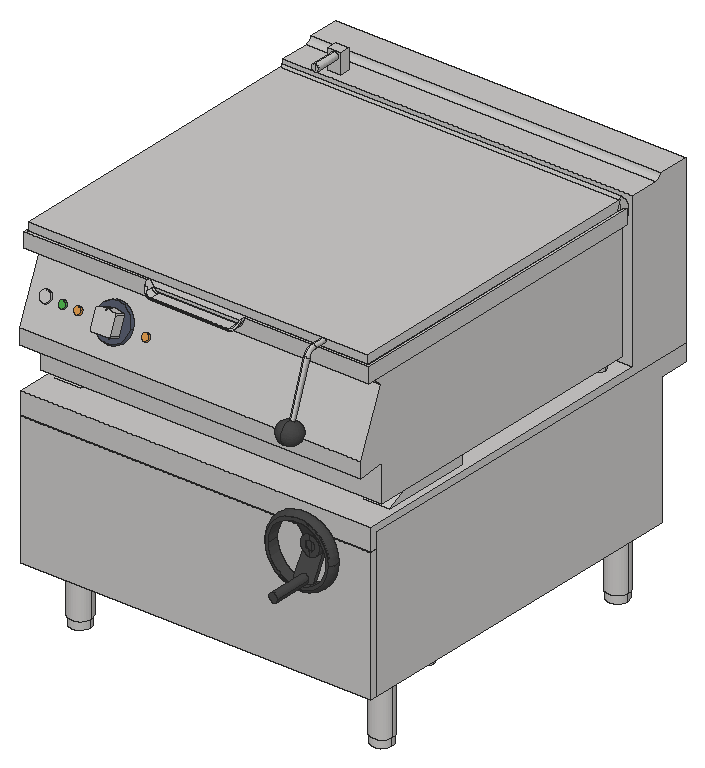
Revit family "QF_ZANUSSI_392145_Z9BREHDOF0", category Specialty Equipment, Revit 2018
Family settings
  Round Connector Dimension = Use Diameter
  Part Type = Normal
  Work Plane-Based = No
  Always vertical = Yes
  Cut with Voids When Loaded = No
  Shared = No
  Room Calculation Point = No
Parameters
  Width = 800 mm  # constant formula
  Weight in Pounds = 150  # constant formula
  Weight = 0.00 kg
  Watts = 13000 VA  # 13000 W
  Volts = 400 V  # constant formula
  URL Manufacturer = "http://www.zanussiprofessional.com"
  URL Cutsheet = "www.electrolux.com"
  URL = "http://www.zanussiprofessional.com"
  Type Mark [instance] = ""
  Steam Supply Size = 0"
  Steam Supply Minimum Pressure = 0.00 psi
  Steam Supply Maximum Pressure = 0.00 psi
  Steam Pounds per Hour = 0
  Status [instance] = ""
  Specification by User [instance] = ""
  Specification by Manufacturer = ""
  Show Logo [instance] = yes
  Show Clearance [instance] = yes
  Serial Number = ""
  Seismic Rating = ""
  SMACNA No = ""
  Revision Code [instance] = ""
  Refrigeration Suction Line Size = 0"
  Refrigeration Liquid Line Size = 0"
  Refrigerant Compressor Remote = yes
  Plumbing Remarks [instance] = ""
  Plumbing Connection Type [instance] = ""
  Phase = 3
  Omniclass Number and Title = ""
  Number of Poles [instance] = 1
  NAFEM Spec ID Number = ""
  Model = "Z9BREHDOF0"
  Min Ckt Ampacity = 0 A
  Max Overcurrent Protection = 0 A
  Masterspec = ""
  Manufacturer = "Zanussi"
  Length Actual = 800 mm  # constant formula
  Item Number [instance] = "392145"
  Installed By [instance] = ""
  Identify Quantity as Lot [instance] = yes
  Hot Water Size = 0"
  Height Actual = 850 mm  # constant formula
  Height = 850 mm  # constant formula
  HP = "17.4 HP"
  Gas Size = 0"
  Gas KW = 0
  Gas Input Pressure = 0.0 Btu/h
  Furnished By [instance] = ""
  Foodservice Equipment Identifier [instance] = yes
  FL Amps = if(Phase = 3, Watts / (Volts * 1.73), Watts / Volts)  # 18.7861 A
  Electrical Remarks [instance] = "400 V/3N ph/50/60 Hz"  # constant formula
  Electric Connection Type [instance] = ""
  Elec Conn RI Height [instance] = 0 mm
  Elec Conn Connection Height [instance] = 0 mm
  Direct Waste Size = 0"
  Description = "80LT EL.BRAISING PAN-DUOMAT BOTTOM"
  Depth Actual = 900 mm  # constant formula
  Depth = 915 mm  # constant formula
  Cycle [instance] = if([60 Hertz Option], 60 Hz, 50 Hz)  # 60 Hz
  Conn Plug = ""
  Conn Conduit = yes
  Condensate Return Size = 0"
  Compressed Air Volume = 0 GPM
  Compressed Air Size = 0"
  Compressed Air Pressure = 0.00 psi
  Cold Water Temperature Recommended [instance] = -459.67 °F
  Cold Water Size = 3/4"
  Cold Water RI Height [instance] = 0 mm
  Cold Water Minimum Pressure = 0.00 psi
  Cold Water Maximum Pressure = 0.00 psi
  Cold Water Flow [instance] = 0 GPM
  Cold Water Consumption = ""
  Cold Water Connection Height = 0 mm
  CSI MasterFormat = ""
  CSI Master Format = ""
  Assembly Code = ""
  Apparent Power = if(Phase = 3, Volts * FL Amps * 1.73, Volts * FL Amps)  # 13000 VA
  Accessory = yes
  60 Hertz Option [instance] = not([50 Hertz Option])  # yes
  50 Hertz Option [instance] = no
Reference planes
  plane 1 "BACK": y = 0
  plane 2: z = 0
  plane 3 "LEFT": x = 0
  plane 4 "RIGHT": x = 800
  plane 5 "FRONT": y = -915
  plane 6 "TOP": z = 898
  plane 7 "Center Y": x = 400
  plane 8 "Center X": y = -457.5
  plane 9 "Base": z = 149
  plane 10: z = 502.193
  plane 11: z = 1653
  plane 12: y = -125
  plane 13: y = -799
  plane 14: y = -1034
  plane 15: x = 55
  plane 16: y = -160.853
  plane 17: x = 745
  plane 18: y = -1014
  plane 19: y = -899.182
  plane 20: x = 786
  plane 21: z = 850
  plane 22: x = 389
  plane 23: y = -702.182
  plane 24: y = -760.182
  plane 25: x = 340
Forms (mm)
  Revolve 1, solid, material "QF_Finishes_Stainless Steel"
    sketch origin (0, -125, 0) x (1, 0, 0) y (0, 0, 1)
      loop
        line (55, 0) -> (55, 149) -> (29.6, 149) -> (29.6, 19.05) -> (32.1, 19.05) -> (32.1, 0) -> (55, 0)
      axis (55, 0) -> (55, 149)
    angle from 0 to 360
  Revolve 2, solid, material "QF_Finishes_Stainless Steel"
    sketch origin (0, -799, 0) x (1, 0, 0) y (0, 0, 1)
      loop
        line (55, 0) -> (55, 149) -> (29.6, 149) -> (29.6, 19.05) -> (32.1, 19.05) -> (32.1, 0) -> (55, 0)
      axis (55, 0) -> (55, 149)
    angle from 0 to 360
  Extrusion 3, solid, material "QF_Finishes_Stainless Steel"
    sketch origin (0, -214.682, 0) x (0, 1, 0) y (0, 0, 1)
      loop
        line (214.682, 487.193) -> (214.682, 866.248) -> (143.055, 866.248)
        arc (143.055, 866.248) -> (139.432, 857.502) -> (130.686, 853.88) r 12.368
        line (130.686, 853.88) -> (64.682, 853.88) -> (64.682, 502.193) -> (-684.5, 502.193) -> (-684.5, 452.193) -> (-669.5, 452.193) -> (-669.5, 487.193) -> (214.682, 487.193)
      loop
        line (-669.5, 149) -> (-669.5, 451.193) -> (-684.5, 451.193) -> (-684.5, 149) -> (-669.5, 149)
    from 0 to 800
  Extrusion 4, solid, material "QF_Finishes_Stainless Steel"
    sketch origin (0, -214.682, 0) x (0, 1, 0) y (0, 0, 1)
      loop
        line (44.029, 528.406) -> (44.029, 817.127) -> (-678.5, 817.127) -> (-678.5, 809.681) -> (-643.264, 774.446) -> (-700.318, 641.094) -> (-700.318, 606.094) -> (-640.765, 613.406) -> (-640.765, 528.406) -> (44.029, 528.406)
    from 10 to 790
  Sweep 5, solid, material "QF_Finishes_Stainless Steel"
    path origin (0, -204.882, 145) x (-1, 0, 0) y (0, -1, 0)
      loop
        line (-290, 694.3) -> (-5, 694.3) -> (-5, -44.029) -> (-795, -44.029) -> (-795, 694.3) -> (-510, 694.3)
    profile origin (652.5, -899.182, 145) x (0, -1, 0) y (0, 0, 1)
      loop
        line (-5, 651.359) -> (0, 651.359) -> (0, 685.301) -> (-6, 685.301) -> (-6, 681.062) -> (-5, 681.062) -> (-5, 651.359)
  Extrusion 6, solid, material "QF_Finishes_Stainless Steel"
    sketch origin (0, -214.682, -5) x (0, 1, 0) y (0, 0, 1)
      loop
        line (33.715, 835.301) -> (42.572, 855) -> (-677.138, 855) -> (-677.138, 835.301) -> (33.715, 835.301)
      loop
        arc (64.305, 837.022) -> (57.071, 850.749) -> (45.92, 861.539) r 49.182
        line (45.92, 861.539) -> (39.069, 846.301) -> (45.904, 846.301) -> (45.904, 832.604) -> (64.305, 814.204) -> (64.305, 837.022)
    from 12.363 to 787.637
  Extrusion 7, solid, material "QF_Finishes_Stainless Steel"
    sketch origin (0, -214.682, 0) x (0, 1, 0) y (0, 0, 1)
      loop
        line (-403.818, 528.406) -> (-556.057, 528.406) -> (-609.801, 502.193) -> (-403.818, 502.193) -> (-403.818, 528.406)
    from 16.63 to 76.513
  Extrusion 8, solid, material "QF_Finishes_Stainless Steel"
    sketch origin (0, -207.182, 150) x (-1, 0, 0) y (0, -1, 0)
      loop
        circle (-46.571, -17.496) r 15
      loop
        circle (-753.429, -17.496) r 15
    from 352.193 to 383.406
  Extrusion 9, solid, material "QF_Finishes_Stainless Steel"
    sketch origin (0, -64.682, 0) x (0, 1, 0) y (0, 0, 1)
      loop
        line (-43.387, 853.88) -> (-43.387, 898) -> (-67.444, 898) -> (-67.444, 853.88) -> (-43.387, 853.88)
    from 87.469 to 116.843
  Revolve 10, solid, material "QF_Finishes_Stainless Steel"
    sketch origin (103.25, -64.682, 0) x (0, 1, 0) y (0, 0, 1)
      loop
        line (-67.444, 888.097) -> (-67.444, 896.222) -> (-123.629, 896.222) -> (-123.629, 888.097) -> (-67.444, 888.097)
      axis (-123.629, 888.097) -> (-67.444, 888.097)
    angle from 0 to 360
  Extrusion 11, solid, material "QF_Clearances", visible <- "Show Clearance", detail levels coarse
    sketch origin (0, -214.682, 0) x (1, 0, 0) y (0, 1, 0)
      loop
        line (800, 214.682) -> (800, -700.318) -> (850, -700.318) -> (850, 264.682) -> (-50, 264.682) -> (-50, -700.318) -> (0, -700.318) -> (0, 214.682) -> (800, 214.682)
    from 0 to 898
  Extrusion 12, solid, material "QF_Finishes_Stainless Steel"
    sketch origin (800, 0, 0) x (0, 1, 0) y (0, 0, 1)
      loop
        line (-884.182, 149) -> (-69, 149) -> (-69, 448) -> (0, 448) -> (0, 487.193) -> (-884.182, 487.193) -> (-884.182, 149)
    from 0 to -800
  Revolve 13, solid, material "QF_Finishes_Stainless Steel"
    sketch origin (1000, -125, 0) x (-1, 0, 0) y (0, 0, -1)
      loop
        line (255, 0) -> (232.1, 0) -> (232.1, -19.05) -> (229.6, -19.05) -> (229.6, -149) -> (255, -149) -> (255, 0)
      axis (255, 0) -> (255, -149)
    angle from 0 to 360
  Revolve 14, solid, material "QF_Finishes_Stainless Steel"
    sketch origin (1000, -799, 0) x (-1, 0, 0) y (0, 0, -1)
      loop
        line (255, 0) -> (232.1, 0) -> (232.1, -19.05) -> (229.6, -19.05) -> (229.6, -149) -> (255, -149) -> (255, 0)
      axis (255, 0) -> (255, -149)
    angle from 0 to 360
  Sweep 15, solid, material "QF_Finishes_Stainless Steel"
    path origin (8.84, -214.682, -10) x (0, 1, 0) y (0, 0, 1)
      loop
        line (-677.138, 852.831) -> (-705.492, 852.831)
        arc (-705.492, 852.831) -> (-716.963, 849.214) -> (-724.286, 839.672) r 20
        line (-724.286, 839.672) -> (-765.322, 726.924)
    profile origin (8.84, -905.997, 842.831) x (0, 0, -1) y (1, 0, 0)
      loop
        circle (0, 676.16) r 5
  Revolve 16, solid, material "QF_Finishes_Black"
    sketch origin (685, -194.682, 0) x (0, 1, 0) y (0, 0, 1)
      loop
        line (-785.322, 716.924) -> (-792.738, 719.623)
        arc (-792.738, 719.623) -> (-818.978, 701.075) -> (-800.713, 674.638) r 22.845
        line (-800.713, 674.638) -> (-785.322, 716.924)
      axis (-785.322, 716.924) -> (-800.713, 674.638)
    angle from 0 to 360
  Extrusion 17, solid, material "QF_Finishes_Stainless Steel"
    sketch origin (800, -69, 149) x (-1, 0, 0) y (0, 1, 0)
      loop
        circle (14, -649.182) r 12.7
    from 0 to 5
  Extrusion 18, solid, material "QF_Finishes_Stainless Steel"
    sketch origin (-3.75, -899.182, 149) x (0, 0, 1) y (-1, 0, 0)
      loop
        circle (289.443, -688.75) r 30
    from 0 to 5
  Extrusion 19, solid, material "QF_Finishes_Stainless Steel"
    sketch origin (800, -214.682, 0) x (0, 1, 0) y (0, 0, -1)
      loop
        line (-403.818, -528.406) -> (-403.818, -502.193) -> (-609.801, -502.193) -> (-556.057, -528.406) -> (-403.818, -528.406)
    from 16.63 to 76.513
  Revolve 20, solid, material "QF_Finishes_Black"
    sketch origin (685, -200.682, -28.57) x (0, 1, 0) y (0, 0, 1)
      loop
        line (-698.5, 467.193) -> (-698.5, 477.193) -> (-713.5, 477.193) -> (-713.5, 482.193) -> (-718.5, 482.193) -> (-718.5, 489.514) -> (-728.5, 489.514) -> (-728.5, 478.353) -> (-727.138, 478.353) -> (-727.138, 467.193) -> (-698.5, 467.193)
      axis (-698.5, 467.193) -> (-728.5, 467.193)
    angle from 0 to 360
  Sweep 21, solid, material "QF_Finishes_Black"
    path origin (10, -200.682, -28.57) x (1, 0, 0) y (0, 0, 1)
      loop
        circle (675, 467.193) r 80
    profile origin (685, -200.682, 518.623) x (0, 0, -1) y (0, -1, 0)
      loop
        arc (7.394, 765.784) -> (0.586, 756.102) -> (1.641, 744.313) r 17.21
        line (1.641, 744.313) -> (7.394, 740.784) -> (14.116, 740.784) -> (14.116, 765.784) -> (7.394, 765.784)
  Extrusion 22, solid, material "QF_Finishes_Black"
    sketch origin (10, -200.682, -28.57) x (0, 1, 0) y (0, 0, 1)
      loop
        line (-713.5, 457.193) -> (-713.5, 477.193) -> (-744.313, 533.065) -> (-751.622, 533.065) -> (-719.104, 474.103) -> (-719.104, 460.284) -> (-751.622, 401.321) -> (-744.313, 401.321) -> (-713.5, 457.193)
    from 654.029 to 698.392
  Extrusion 23, solid, material "QF_Finishes_Black"
    sketch origin (10, -200.682, -28.57) x (1, 0, 0) y (0, 0, 1)
      loop
        circle (675, 406.31) r 10
    from 742.86 to 833.318
  Extrusion 24, solid, material "QF_Finishes_Stainless Steel"
    sketch origin (0, -201.682, -15.905) x (1, 0, 0) y (0, 0, 1)
      loop
        line (509.996, 839.805) -> (509.996, 846.205) -> (502.677, 833.527)
        arc (502.677, 833.527) -> (496.674, 827.524) -> (488.474, 825.327) r 16.4
        line (488.474, 825.327) -> (311.526, 825.327)
        arc (311.526, 825.327) -> (303.32, 827.526) -> (297.312, 833.534) r 16.413
        line (297.312, 833.534) -> (289.996, 846.205) -> (289.996, 839.805) -> (294.541, 831.934)
        arc (294.541, 831.934) -> (301.72, 824.755) -> (311.526, 822.127) r 19.613
        line (311.526, 822.127) -> (488.474, 822.127)
        arc (488.474, 822.127) -> (498.274, 824.753) -> (505.448, 831.927) r 19.6
        line (505.448, 831.927) -> (509.996, 839.805)
    from 697.5 to 717.595
  Extrusion 25, void
    sketch origin (900, 188.397, 1219.2) x (0, -1, 0) y (0, 0, 1)
      loop
        line (1110.167, -415.736) -> (1110.167, -387.945) -> (1093.05, -387.945) -> (1110.167, -415.736)
    from 390 to 610
  Extrusion 26, solid, material "QF_Finishes_Orange"
    sketch origin (9.372, -901.482, 672.689) x (0, 0.393353, 0.919387) y (-1, 0, 0)
      loop
        circle (34.513, -113.251) r 8
    from 0 to 3.175
  Extrusion 27, solid, material "QF_Finishes_Green"
    sketch origin (14.068, -901.51, 672.624) x (0, 0.393353, 0.919387) y (-1, 0, 0)
      loop
        circle (34.513, -73.251) r 8
    from 0 to 3.175
  Extrusion 28, solid, material "QF_Finishes_Stainless Steel"
    sketch origin (10.937, -915, 641.094) x (0, 0.393353, 0.919387) y (-1, 0, 0)
      loop
        circle (71.473, -36.635) r 12.7
    from 0 to 3.2
  Extrusion 29, solid, material "QF_Finishes_Orange"
    sketch origin (164.372, -901.482, 672.689) x (0, 0.393353, 0.919387) y (-1, 0, 0)
      loop
        circle (34.513, -113.251) r 8
    from 0 to 3.175
  Extrusion 30, solid, material "QF_Clearances", visible <- "Show Clearance", detail levels coarse
    sketch origin (0, -996.643, 709.193) x (0, 0.238373, -0.971174) y (0, 0.971174, 0.238373)
      loop
        line (33.715, 835.301) -> (42.572, 855) -> (-677.138, 855) -> (-677.138, 835.301) -> (33.715, 835.301)
      loop
        arc (64.305, 837.022) -> (57.071, 850.749) -> (45.92, 861.539) r 49.182
        line (45.92, 861.539) -> (39.069, 846.301) -> (45.904, 846.301) -> (45.904, 832.604) -> (64.305, 814.204) -> (64.305, 837.022)
    from 12.363 to 787.637
  Sweep 31, solid, material "QF_Clearances", visible <- "Show Clearance", detail levels coarse
    path origin (8.84, -1001.499, 708.002) x (0, 0.238373, -0.971174) y (0, 0.971174, 0.238373)
      loop
        line (-677.138, 852.831) -> (-705.492, 852.831)
        arc (-705.492, 852.831) -> (-716.963, 849.214) -> (-724.286, 839.672) r 20
        line (-724.286, 839.672) -> (-765.322, 726.924)
    profile origin (8.84, -338.043, 1582.68) x (0, -0.971174, -0.238373) y (1, 0, 0)
      loop
        circle (0, 676.16) r 5
  Revolve 32, solid, material "QF_Clearances", visible <- "Show Clearance", detail levels coarse
    sketch origin (685, -987.02, 690.962) x (0, 0.238373, -0.971174) y (0, 0.971174, 0.238373)
      loop
        line (-785.322, 716.924) -> (-792.738, 719.623)
        arc (-792.738, 719.623) -> (-818.978, 701.075) -> (-800.713, 674.638) r 22.845
        line (-800.713, 674.638) -> (-785.322, 716.924)
      axis (-785.322, 716.924) -> (-800.713, 674.638)
    angle from 0 to 360
  Extrusion 33, solid, material "QF_Finishes_Stainless Steel"
    sketch origin (290, -899.182, 830.301) x (-1, 0, 0) y (0, 0, -1)
      loop
        line (0.004, 33.941) -> (-220, 33.941) -> (-220, -0.006) -> (-212.677, 12.678)
        arc (-212.677, 12.678) -> (-206.674, 18.681) -> (-198.474, 20.878) r 16.4
        line (-198.474, 20.878) -> (-21.526, 20.878)
        arc (-21.526, 20.878) -> (-13.32, 18.679) -> (-7.312, 12.672) r 16.413
        line (-7.312, 12.672) -> (0.004, 0) -> (0.004, 33.941)
    from 0 to -6
  Extrusion 34, solid, material "QF_Finishes_Stainless Steel"
    sketch origin (0, 0, 0) x (0, 1, 0) y (0, 0, 1)
      loop
        circle (-760.182, 325) r 9.525
    from 350.873 to 389
  Extrusion 35, solid, material "QF_Finishes_Stainless Steel"
    sketch origin (0, -915, 0) x (1, 0, 0) y (0, 0, 1)
      loop
        circle (340, 220) r 6.35
    from -212.818 to -194.708
  Extrusion 36, solid, material "QF_Plastic-Black-Matte"
    sketch origin (145.417, -886.473, 707.77) x (0, 0.393353, 0.919387) y (0, 0.919387, -0.393353)
      loop
        line (26.984, -34) -> (23.984, -34) -> (23.984, -35) -> (26.984, -35)
        arc (26.984, -35) -> (27.691, -34.707) -> (27.984, -34) r 1
        line (27.984, -34) -> (27.984, -19) -> (26.984, -19) -> (26.984, -34)
    from -58.5 to -56.5
  Extrusion 37, solid, material "QF_Finishes_Stainless Steel"
    sketch origin (202.917, -886.473, 707.77) x (-1, 0, 0) y (0, -0.393353, -0.919387)
      loop
        line (17.5, -17.5) -> (17.5, 17.5) -> (-17.5, 17.5) -> (-17.5, -17.5) -> (17.5, -17.5)
    from 5 to 10
  Extrusion 38, solid, material "QF_Finishes_Stainless Steel"
    sketch origin (202.917, -886.473, 707.77) x (-1, 0, 0) y (0, -0.393353, -0.919387)
      loop
        arc (-21.147, -22.789) -> (0, -26.984) -> (21.147, -22.789) r 55.4
        arc (21.147, -22.789) -> (22.494, -21.685) -> (23, -20.019) r 2.997
        line (23, -20.019) -> (23, 20.019)
        arc (23, 20.019) -> (22.122, 22.138) -> (20.003, 23.016) r 2.997
        line (20.003, 23.016) -> (-20.003, 23.016)
        arc (-20.003, 23.016) -> (-22.122, 22.138) -> (-23, 20.019) r 2.997
        line (-23, 20.019) -> (-23, -20.019)
        arc (-23, -20.019) -> (-22.494, -21.685) -> (-21.147, -22.789) r 2.997
    from 10 to 34
  Blend 39, solid, material "QF_Finishes_Navy Blue"
    base sketch origin (202.917, -886.473, 707.77) x (1, 0, 0) y (0, 0.393353, 0.919387)
      loop
        circle (0, 0) r 42.5
    top sketch origin (202.917, -886.473, 707.77) x (1, 0, 0) y (0, 0.393353, 0.919387)
      loop
        circle (0, 0) r 40.5
    from 0 to 5
Cuts and joins
  Extrusion 25 cuts Extrusion 24
  joined: Sweep 5, Extrusion 24, Extrusion 33
Lines and regions (mm)
  Split face 1
    outline origin (202.917, -891.07, 709.737) x (1, 0, 0) y (0, 0.393353, 0.919387)
      loop
        arc (-0.521, 36.501) -> (-26.491, 26.394) -> (-37.708, 0.884) r 36.411
        line (-37.708, 0.884) -> (-31.708, 0.884)
        arc (-31.708, 0.884) -> (-21.998, 23.844) -> (-0.521, 36.501) r 39.733
  Split face 2
    outline origin (202.917, -891.07, 709.737) x (1, 0, 0) y (0, 0.393353, 0.919387)
      loop
        circle (-30.633, -14.752) r 1.5
  Split face 3
    outline origin (202.917, -891.07, 709.737) x (1, 0, 0) y (0, 0.393353, 0.919387)
      loop
        circle (-21.199, -26.582) r 1.5
  Split face 4
    outline origin (202.917, -891.07, 709.737) x (1, 0, 0) y (0, 0.393353, 0.919387)
      loop
        circle (-7.566, -33.148) r 1.5
  Split face 5
    outline origin (202.917, -891.07, 709.737) x (1, 0, 0) y (0, 0.393353, 0.919387)
      loop
        circle (7.566, -33.148) r 1.5
  Split face 6
    outline origin (202.917, -891.07, 709.737) x (1, 0, 0) y (0, 0.393353, 0.919387)
      loop
        circle (21.199, -26.582) r 1.5
  Split face 7
    outline origin (202.917, -891.07, 709.737) x (1, 0, 0) y (0, 0.393353, 0.919387)
      loop
        circle (30.633, -14.752) r 1.5
  Split face 8
    outline origin (202.917, -891.07, 709.737) x (1, 0, 0) y (0, 0.393353, 0.919387)
      loop
        circle (34, 0) r 1.5
  Split face 9
    outline origin (202.917, -891.07, 709.737) x (1, 0, 0) y (0, -0.393353, -0.919387)
      loop
        circle (30.633, -14.752) r 1.5
  Split face 10
    outline origin (202.917, -891.07, 709.737) x (1, 0, 0) y (0, -0.393353, -0.919387)
      loop
        circle (21.199, -26.582) r 1.5
  symbolic lines
    curve 1: line (10, -915, 149) -> (179.917, -915, 149)
    curve 2: line (0, -899.182, 149) -> (280.622, -899.182, 149)
    curve 3: line (5, -160.853, 149) -> (5, -899.182, 149)
    curve 4: line (0, 0, 149) -> (0, -899.182, 149)
    curve 5: line (800, -899.182, 149) -> (800, 0, 149)
    curve 6: line (5, -160.853, 149) -> (95.125, -160.853, 149)
    curve 7: line (789, -171.653, 149) -> (111.375, -171.653, 149)
    curve 8: line (0, -71.628, 149) -> (800, -71.628, 149)
    curve 9: line (111.375, -160.853, 149) -> (795, -160.853, 149)
    curve 10: line (95.125, -172.111, 149) -> (12.363, -172.111, 149)
    curve 11: line (90.942, -172.111, 149) -> (90.942, -192.672, 149)
    curve 12: line (117.192, -171.653, 149) -> (117.192, -192.672, 149)
    curve 13: arc (90.942, -192.672, 149) -> (104.067, -205.797, 149) -> (117.192, -192.672, 149) r 13.125
    curve 14: line (504.543, -915, 149) -> (680, -915, 149)
    curve 15: line (12.363, -891.82, 149) -> (787.637, -891.82, 149)
    curve 16: line (0, 0, 149) -> (800, 0, 149)
    curve 20: line (680, -980.005, 149) -> (680, -891.82, 149)
    curve 21: line (690, -980.005, 149) -> (690, -891.82, 149)
    curve 22: spline (685, -987.42, 149) -> (686.603, -987.265, 149) -> (688.14, -986.808, 149) -> (689.545, -986.066, 149) -> (690.761, -985.072, 149) -> (691.737, -983.866, 149) -> (692.431, -982.499, 149) -> (692.815, -981.028, 149) -> (692.874, -979.515, 149) -> (692.604, -978.022, 149) -> (692.016, -976.611, 149) -> (691.136, -975.342, 149) -> (690, -974.268, 149)
    curve 23: spline (690, -980.005, 149) -> (689.957, -980.618, 149) -> (689.83, -981.221, 149) -> (689.619, -981.803, 149) -> (689.33, -982.354, 149) -> (688.967, -982.865, 149) -> (688.536, -983.327, 149) -> (688.044, -983.732, 149) -> (687.5, -984.074, 149) -> (686.913, -984.345, 149) -> (686.294, -984.543, 149) -> (685.653, -984.663, 149) -> (685, -984.703, 149)
    curve 24: spline (685, -984.703, 149) -> (684.347, -984.663, 149) -> (683.706, -984.543, 149) -> (683.087, -984.345, 149) -> (682.5, -984.074, 149) -> (681.956, -983.732, 149) -> (681.464, -983.327, 149) -> (681.033, -982.865, 149) -> (680.67, -982.354, 149) -> (680.381, -981.803, 149) -> (680.17, -981.221, 149) -> (680.043, -980.618, 149) -> (680, -980.005, 149)
    curve 25: spline (680, -974.268, 149) -> (678.864, -975.342, 149) -> (677.984, -976.611, 149) -> (677.396, -978.022, 149) -> (677.126, -979.515, 149) -> (677.185, -981.028, 149) -> (677.569, -982.499, 149) -> (678.263, -983.866, 149) -> (679.239, -985.072, 149) -> (680.455, -986.066, 149) -> (681.86, -986.808, 149) -> (683.397, -987.265, 149) -> (685, -987.42, 149)
    curve 26: line (95.125, -188.311, 149) -> (111.375, -188.311, 149)
    curve 27: line (95.125, -132.127, 149) -> (95.125, -188.311, 149)
    curve 28: line (111.375, -188.311, 149) -> (111.375, -132.127, 149)
    curve 29: line (87.469, -132.127, 149) -> (116.843, -132.127, 149)
    curve 30: line (87.469, -108.069, 149) -> (87.469, -132.127, 149)
    curve 31: line (116.843, -108.069, 149) -> (87.469, -108.069, 149)
    curve 32: line (116.843, -132.127, 149) -> (116.843, -108.069, 149)
    curve 33: arc (680, -961.314, 149) -> (685, -1014, 149) -> (690, -961.314, 149) r 26.58
    curve 34: line (695, -1034, 182) -> (695, -1012.047, 182)
    curve 35: line (675, -1034, 182) -> (675, -1012.047, 182)
    curve 36: line (675, -1034, 182) -> (695, -1034, 182)
    curve 37: line (757.606, -966.466, 182) -> (701.354, -966.466, 182)
    curve 38: line (612.394, -941.466, 182) -> (680, -941.466, 182)
    curve 39: line (606.641, -944.996, 182) -> (680, -944.996, 182)
    curve 40: arc (763.359, -944.996, 182) -> (764.431, -956.789, 182) -> (757.606, -966.466, 182) r 17.151
    curve 41: line (757.606, -941.466, 182) -> (763.359, -944.996, 182)
    curve 42: line (708.392, -915, 182) -> (708.392, -941.466, 182)
    curve 43: line (664.029, -941.466, 182) -> (664.029, -915, 182)
    curve 44: arc (606.641, -944.996, 182) -> (605.569, -956.789, 182) -> (612.394, -966.466, 182) r 17.151
    curve 45: line (612.394, -941.466, 182) -> (606.641, -944.996, 182)
    curve 46: line (690, -944.996, 182) -> (763.359, -944.996, 182)
    curve 47: line (690, -941.466, 182) -> (757.606, -941.466, 182)
    curve 48: line (612.394, -966.466, 182) -> (668.646, -966.466, 182)
    curve 49: line (0, -150, 182) -> (95.125, -150, 182)
    curve 50: line (800, -150, 182) -> (111.375, -150, 182)
    curve 51: line (12.363, -891.82, 149) -> (12.363, -172.111, 149)
    curve 52: line (787.637, -891.82, 149) -> (787.637, -171.653, 149)
    curve 53: line (790, -915, 182) -> (790, -899.182, 182)
    curve 54: line (10, -899.182, 182) -> (10, -915, 182)
    curve 55: line (795, -160.853, 149) -> (795, -899.182, 149)
    curve 56: line (225.917, -915, 149) -> (295.414, -915, 149)
    curve 57: line (519.371, -899.182, 182) -> (505.448, -914.035, 182)
    curve 58: spline (505.442, -914.033, 182) -> (504.902, -914.595, 182) -> (504.301, -915.14, 182) -> (503.641, -915.666, 182) -> (502.924, -916.17, 182) -> (502.153, -916.653, 182) -> (501.331, -917.111, 182) -> (500.459, -917.544, 182) -> (499.542, -917.95, 182) -> (498.582, -918.327, 182) -> (497.581, -918.675, 182) -> (496.544, -918.992, 182) -> (495.475, -919.277, 182)
    curve 59: line (304.523, -919.277, 182) -> (495.475, -919.277, 182)
    curve 60: line (294.541, -914.031, 182) -> (280.622, -899.182, 182)
    curve 61: spline (304.523, -919.277, 182) -> (303.452, -918.992, 182) -> (302.414, -918.675, 182) -> (301.413, -918.327, 182) -> (300.452, -917.949, 182) -> (299.534, -917.543, 182) -> (298.662, -917.11, 182) -> (297.838, -916.651, 182) -> (297.067, -916.168, 182) -> (296.35, -915.663, 182) -> (295.689, -915.137, 182) -> (295.087, -914.592, 182) -> (294.547, -914.029, 182)
    curve 62: line (519.371, -899.182, 149) -> (680, -899.182, 149)
    curve 63: line (690, -899.182, 149) -> (800, -899.182, 149)
    curve 64: line (690, -915, 149) -> (790, -915, 149)
    curve 65: line (179.917, -899.196, 0) -> (179.917, -925.453, 0)
    curve 66: arc (179.917, -925.453, 0) -> (180.063, -925.917, 0) -> (180.449, -926.213, 0) r 0.809
    curve 67: arc (180.449, -926.213, 0) -> (181.637, -926.693, 0) -> (182.915, -926.786, 0) r 4.127
    curve 68: arc (179.917, -910.086, 0) -> (180.419, -909.365, 0) -> (181.217, -908.995, 0) r 1.682
    curve 69: arc (181.217, -908.995, 0) -> (191.519, -907.497, 0) -> (201.917, -906.988, 0) r 109.079
    curve 70: line (201.917, -899.182, 0) -> (201.917, -909.218, 0)
    curve 71: line (201.917, -909.218, 0) -> (203.917, -909.218, 0)
    curve 72: line (203.917, -909.218, 0) -> (203.917, -899.218, 0)
    curve 73: line (225.917, -899.182, 0) -> (225.917, -925.453, 0)
    curve 74: arc (225.917, -925.453, 0) -> (225.771, -925.917, 0) -> (225.385, -926.213, 0) r 0.809
    curve 75: arc (225.385, -926.213, 0) -> (224.197, -926.693, 0) -> (222.92, -926.786, 0) r 4.127
    curve 76: arc (225.917, -910.086, 0) -> (225.415, -909.365, 0) -> (224.618, -908.995, 0) r 1.682
    curve 77: arc (224.618, -908.995, 0) -> (214.315, -907.497, 0) -> (203.917, -906.988, 0) r 109.079
    curve 78: line (182.915, -926.786, 0) -> (222.92, -926.786, 0)
    curve 79: spline (225.917, -904.183, 0) -> (227.104, -903.848, 0) -> (228.259, -903.497, 0) -> (229.381, -903.13, 0) -> (230.469, -902.747, 0) -> (231.521, -902.348, 0) -> (232.535, -901.936, 0) -> (233.512, -901.509, 0) -> (234.448, -901.068, 0) -> (235.344, -900.615, 0) -> (236.197, -900.149, 0) -> (237.007, -899.671, 0) -> (237.773, -899.182, 0)
    curve 80: spline (168.061, -899.182, 0) -> (168.827, -899.671, 0) -> (169.637, -900.149, 0) -> (170.491, -900.615, 0) -> (171.386, -901.068, 0) -> (172.323, -901.509, 0) -> (173.299, -901.936, 0) -> (174.314, -902.348, 0) -> (175.366, -902.747, 0) -> (176.453, -903.13, 0) -> (177.576, -903.497, 0) -> (178.731, -903.848, 0) -> (179.917, -904.183, 0)
  symbolic lines, style "QF_Clearances", visible <- "Show Clearance", detail levels coarse
    curve 17: line (-50, 50, 150) -> (-50, -918.182, 150)
    curve 18: line (850, 50, 150) -> (850, -915, 150)
    curve 19: line (850, 50, 150) -> (-50, 50, 150)
Dimensions and locks
  equal spacing: plane 3 "LEFT", plane 7 "Center Y", plane 4 "RIGHT"
  "Width": plane 3 "LEFT" to plane 4 "RIGHT"
  equal spacing: plane 5 "FRONT", plane 8 "Center X", plane 1 "BACK"
  "Depth": plane 5 "FRONT" to plane 1 "BACK"
  "Height": plane 21 to level
  plane 9 "Base" to level = 149 mm
  plane 11 to level = 1653 mm
  plane 11 to plane 2 = 1653 mm
  plane 9 "Base" to plane 2 = 149 mm
  plane 13 to plane 12 = 674 mm
  plane 5 "FRONT" to plane 1 "BACK" = 915 mm
  plane 1 "BACK" to plane 14 = 1034 mm  (x2)
  plane 6 "TOP" to plane 2 = 898 mm
  plane 14 to plane 1 "BACK" = 1034 mm
  plane 4 "RIGHT" to plane 17 to plane 15 to plane 3 "LEFT" = 55 mm, 690 mm, 55 mm
  plane 1 "BACK" to plane 18 = 1014 mm
  Extrusion 12 to plane 1 "BACK" = 69 mm
  Extrusion 6 to plane 9 "Base" = 701 mm
  plane 2 to Extrusion 12 = 448 mm
  Extrusion 3 to plane 13 = 100.182 mm
  plane 12 to Extrusion 12 = 56 mm
  plane 4 "RIGHT" to plane 20 = 14 mm
  plane 21 to plane 9 "Base" to level = 701 mm, 149 mm
  plane 1 "BACK" to Extrusion 12 = 69 mm
  Extrusion 12 to plane 12 = 56 mm
  plane 12 to plane 13 = 674 mm
  plane 13 to Extrusion 3 = 100.182 mm
  Extrusion 12 to level = 448 mm
  plane 6 "TOP" to level = 898 mm
  Extrusion 3 to Extrusion 17 = 181 mm
  Extrusion 17 to Extrusion 3 = 181 mm
  Extrusion 34 sketch curve to plane 9 "Base" = 176 mm
  plane 22 to plane 3 "LEFT" = 389 mm
  Extrusion 35 sketch curve to plane 3 "LEFT" = 340 mm
  Extrusion 35 sketch curve to plane 9 "Base" = 71 mm
  plane 23 to Extrusion 3 = 197 mm
  Extrusion 34 sketch curve to Extrusion 3 = 139 mm
  plane 24 to Extrusion 3 = 139 mm
  Extrusion 34 to plane 9 "Base" = 176 mm  (x2)
  Extrusion 12 to Extrusion 35 = 71 mm
  Extrusion 35 to plane 9 "Base" = 71 mm
  plane 25 to plane 3 "LEFT" = 340 mm
  aligned and locked: level to plane 2
  aligned and locked: Extrusion 12 to plane 3 "LEFT"
Automatic sketch dimensions
  Revolve 1 sketch curve to plane 9 "Base" = 0 mm  (x2)
  Revolve 1 sketch curve to level = 0 mm
  Revolve 1 sketch curve to plane 15 = 0 mm  (x2)
  Revolve 1 sketch curve to Revolve 1 sketch curve = 22.9 mm
  Revolve 1 sketch curve to Revolve 1 sketch curve = 2.5 mm
  level to Revolve 1 sketch curve = 19.05 mm
  Revolve 2 sketch curve to plane 9 "Base" = 0 mm  (x2)
  Revolve 2 sketch curve to level = 0 mm
  Revolve 2 sketch curve to plane 15 = 0 mm  (x2)
  Revolve 2 sketch curve to Revolve 2 sketch curve = 22.9 mm
  Revolve 2 sketch curve to Revolve 2 sketch curve = 2.5 mm
  level to Revolve 2 sketch curve = 19.05 mm
  Extrusion 7 sketch curve to plane 10 = 0 mm
  Extrusion 7 sketch curve to plane 13 = 25.484 mm
  plane 13 to Extrusion 7 sketch curve = 28.261 mm
  plane 10 to Extrusion 7 sketch curve = 26.213 mm
  Extrusion 8 sketch curve to plane 17 = 8.429 mm
  Extrusion 8 sketch curve to plane 15 = 8.429 mm
  Extrusion 8 sketch curve to plane 12 = 64.686 mm  (x2)
  Extrusion 9 sketch curve to plane 6 "TOP" = 0 mm
  Extrusion 9 sketch curve to plane 12 = 7.127 mm
  plane 12 to Extrusion 9 sketch curve = 16.931 mm
  plane 21 to Extrusion 9 sketch curve = 3.88 mm
  Revolve 10 sketch curve to plane 6 "TOP" = 9.903 mm
  Revolve 10 sketch curve to plane 12 = 63.311 mm
  Revolve 10 sketch curve to plane 12 = 7.127 mm
  Revolve 10 sketch curve to Revolve 10 sketch curve = 0 mm  (x2)
  plane 12 to Revolve 10 sketch curve = 1.394 mm
  Revolve 10 sketch curve to plane 6 "TOP" = 1.778 mm
  Revolve 13 sketch curve to plane 9 "Base" = 0 mm  (x2)
  Revolve 13 sketch curve to level = 0 mm
  plane 17 to Revolve 13 sketch curve = 0 mm  (x2)
  Revolve 13 sketch curve to plane 20 = 18.1 mm
  Revolve 13 sketch curve to Revolve 13 sketch curve = 2.5 mm
  level to Revolve 13 sketch curve = 19.05 mm
  Revolve 14 sketch curve to plane 9 "Base" = 0 mm  (x2)
  Revolve 14 sketch curve to level = 0 mm
  plane 17 to Revolve 14 sketch curve = 0 mm  (x2)
  Revolve 14 sketch curve to plane 20 = 18.1 mm
  Revolve 14 sketch curve to Revolve 14 sketch curve = 2.5 mm
  level to Revolve 14 sketch curve = 19.05 mm
  plane 18 to Revolve 16 sketch curve = 18.604 mm
  Revolve 16 sketch curve to Revolve 16 sketch curve = 0 mm  (x4)
  plane 18 to Revolve 16 sketch curve = 22.834 mm
  Revolve 16 sketch curve to Revolve 16 sketch curve = 3.746 mm
  Revolve 16 sketch curve to Revolve 16 sketch curve = 7.415 mm
  plane 10 to Revolve 16 sketch curve = 172.444 mm
  Revolve 16 sketch curve to Revolve 16 sketch curve = 22.45 mm
  plane 10 to Extrusion 19 sketch curve = 0 mm
  Extrusion 19 sketch curve to plane 13 = 25.484 mm
  plane 13 to Extrusion 19 sketch curve = 28.261 mm
  plane 10 to Extrusion 19 sketch curve = 26.213 mm
  plane 17 to Sweep 21 sketch curve = 60 mm
  Sweep 21 sketch curve to plane 10 = 63.57 mm
  Sweep 21 sketch curve to profile plane = 1.641 mm
  Sweep 21 sketch curve to profile plane = 7.394 mm
  Sweep 21 sketch curve to Sweep 21 sketch curve = 5.753 mm
  Sweep 21 sketch curve to Sweep 21 sketch curve = 6.722 mm
  Sweep 21 sketch curve to Sweep 21 sketch curve = 3.093 mm
  profile plane to Sweep 21 sketch curve = 740.784 mm
  Sweep 21 sketch curve to Sweep 21 sketch curve = 3.53 mm
  Sweep 21 sketch curve to Sweep 21 sketch curve = 10.864 mm
  plane 17 to Extrusion 23 sketch curve = 60 mm
  Extrusion 23 sketch curve to plane 10 = 124.454 mm
  Extrusion 24 sketch curve to Extrusion 24 sketch curve = 0 mm  (x5)
  Extrusion 24 sketch curve to Extrusion 24 sketch curve = 4.545 mm
  Extrusion 24 sketch curve to Extrusion 24 sketch curve = 2.771 mm  (x2)
  Extrusion 24 sketch curve to Extrusion 24 sketch curve = 14.214 mm
  Extrusion 24 sketch curve to plane 21 = 40.578 mm
  plane 7 "Center Y" to Extrusion 24 sketch curve = 88.474 mm
  Extrusion 24 sketch curve to plane 21 = 32.378 mm
  Extrusion 24 sketch curve to Extrusion 24 sketch curve = 14.203 mm
  Extrusion 24 sketch curve to plane 21 = 33.978 mm
  Extrusion 24 sketch curve to plane 21 = 19.699 mm
  Extrusion 24 sketch curve to Extrusion 24 sketch curve = 7.32 mm
  Extrusion 24 sketch curve to Extrusion 24 sketch curve = 6.606 mm
  Extrusion 24 sketch curve to Extrusion 24 sketch curve = 6.4 mm  (x2)
  Extrusion 24 sketch curve to Extrusion 24 sketch curve = 7.872 mm
  Extrusion 28 sketch curve to plane 15 = 7.427 mm
  Extrusion 30 sketch curve to plane 11 = 87.075 mm
  plane 8 "Center X" to Extrusion 30 sketch curve = 110.667 mm
  Extrusion 30 sketch curve to Extrusion 30 sketch curve = 694.86 mm
  Extrusion 30 sketch curve to Extrusion 30 sketch curve = 15.993 mm
  Extrusion 30 sketch curve to Extrusion 30 sketch curve = 5.354 mm
  Extrusion 30 sketch curve to Extrusion 30 sketch curve = 3.503 mm
  Extrusion 30 sketch curve to Extrusion 30 sketch curve = 12.189 mm
  Extrusion 30 sketch curve to Extrusion 30 sketch curve = 3.348 mm
  Extrusion 30 sketch curve to Extrusion 30 sketch curve = 18.4 mm  (x2)
  Extrusion 30 sketch curve to Extrusion 30 sketch curve = 2.697 mm
  Extrusion 30 sketch curve to Extrusion 30 sketch curve = 14.057 mm
  Extrusion 30 sketch curve to Extrusion 30 sketch curve = 4.418 mm
  Extrusion 30 sketch curve to Extrusion 30 sketch curve = 11 mm
  Extrusion 30 sketch curve to Extrusion 30 sketch curve = 6.539 mm
  Sweep 31 sketch curve to plane 8 "Center X" = 20.462 mm
  Sweep 31 sketch curve to plane 11 = 28.458 mm
  Sweep 31 sketch curve to Sweep 31 sketch curve = 41.037 mm
  Sweep 31 sketch curve to Sweep 31 sketch curve = 18.794 mm
  Sweep 31 sketch curve to Sweep 31 sketch curve = 28.354 mm
  Sweep 31 sketch curve to Sweep 31 sketch curve = 105.908 mm
  Sweep 31 sketch curve to Sweep 31 sketch curve = 6.84 mm
  Sweep 31 sketch curve to profile plane = 0 mm
  profile plane to Sweep 31 sketch curve = 676.16 mm
  Revolve 32 sketch curve to plane 11 = 23.591 mm
  Revolve 32 sketch curve to plane 8 "Center X" = 65.198 mm
  Revolve 32 sketch curve to Revolve 32 sketch curve = 0 mm  (x4)
  Revolve 32 sketch curve to Revolve 32 sketch curve = 4.229 mm
  Revolve 32 sketch curve to Revolve 32 sketch curve = 3.746 mm
  Revolve 32 sketch curve to Revolve 32 sketch curve = 7.415 mm
  Revolve 32 sketch curve to Revolve 32 sketch curve = 22.45 mm
  Extrusion 24 sketch curve to plane 7 "Center Y" = 88.474 mm
  plane 15 to Extrusion 26 sketch curve = 67.623 mm
  plane 15 to Extrusion 27 sketch curve = 32.319 mm
  Extrusion 29 sketch curve to plane 7 "Center Y" = 122.377 mm
  plane 9 "Base" to Revolve 1 sketch curve = 20 mm
  plane 9 "Base" to Revolve 2 sketch curve = 20 mm
  Revolve 13 sketch curve to Revolve 13 sketch curve = 20 mm
  plane 9 "Base" to Revolve 14 sketch curve = 20 mm
  plane 23 to Extrusion 7 sketch curve = 83.682 mm
  plane 23 to Extrusion 19 sketch curve = 83.682 mm
  plane 5 "FRONT" to curve 18 = 0 mm
  plane 4 "RIGHT" to curve 18 = 50 mm
  curve 19 to plane 3 "LEFT" = 50 mm
  curve 17 to plane 1 "BACK" = 50 mm
  plane 5 "FRONT" to curve 17 = 3.182 mm
  Extrusion 3 sketch curve to plane 10 = 0 mm
  Extrusion 3 sketch curve to plane 9 "Base" = 0 mm
  Extrusion 3 sketch curve to plane 1 "BACK" = 0 mm
  plane 21 to Extrusion 3 sketch curve = 16.248 mm
  plane 12 to Extrusion 3 sketch curve = 53.372 mm
  Extrusion 3 sketch curve to Extrusion 3 sketch curve = 12.368 mm
  Extrusion 3 sketch curve to plane 12 = 25 mm
  Extrusion 3 sketch curve to plane 5 "FRONT" = 30.818 mm  (x2)
  Extrusion 3 sketch curve to plane 10 = 15 mm
  Extrusion 3 sketch curve to Extrusion 3 sketch curve = 15 mm
  Extrusion 3 sketch curve to plane 5 "FRONT" = 15.818 mm
  Extrusion 3 sketch curve to Extrusion 3 sketch curve = 36 mm
  Extrusion 3 sketch curve to Extrusion 3 sketch curve = 1 mm
  Extrusion 4 sketch curve to plane 5 "FRONT" = 0 mm
  Extrusion 4 sketch curve to plane 5 "FRONT" = 21.818 mm
  Extrusion 4 sketch curve to Extrusion 4 sketch curve = 35.236 mm
  plane 10 to Extrusion 4 sketch curve = 26.213 mm
  Extrusion 4 sketch curve to plane 13 = 56.447 mm
  Extrusion 4 sketch curve to plane 12 = 45.653 mm
  Extrusion 4 sketch curve to Extrusion 4 sketch curve = 77.688 mm
  Extrusion 4 sketch curve to Extrusion 4 sketch curve = 7.312 mm
  Extrusion 4 sketch curve to Extrusion 4 sketch curve = 35 mm
  Extrusion 4 sketch curve to plane 21 = 75.554 mm
  Extrusion 4 sketch curve to plane 21 = 40.319 mm
  Extrusion 4 sketch curve to plane 21 = 32.873 mm
  plane 16 to Sweep 5 sketch curve = 0 mm
  Sweep 5 sketch curve to plane 4 "RIGHT" = 5 mm
  plane 3 "LEFT" to Sweep 5 sketch curve = 5 mm
  Sweep 5 sketch curve to plane 5 "FRONT" = 15.818 mm  (x2)
  plane 7 "Center Y" to Sweep 5 sketch curve = 110 mm
  Sweep 5 sketch curve to plane 25 = 50 mm
  Sweep 5 sketch curve to profile plane = 0 mm
  profile plane to Sweep 5 sketch curve = 5 mm
  Sweep 5 sketch curve to Sweep 5 sketch curve = 1 mm
  profile plane to Sweep 5 sketch curve = 651.359 mm
  Sweep 5 sketch curve to Sweep 5 sketch curve = 29.703 mm
  Sweep 5 sketch curve to Sweep 5 sketch curve = 4.238 mm
  Extrusion 6 sketch curve to plane 21 = 0 mm
  Extrusion 6 sketch curve to plane 5 "FRONT" = 23.18 mm
  Extrusion 6 sketch curve to plane 21 = 33.757 mm
  Extrusion 6 sketch curve to plane 12 = 71.96 mm
  Extrusion 6 sketch curve to plane 21 = 19.699 mm
  Extrusion 6 sketch curve to Extrusion 6 sketch curve = 15.993 mm
  Extrusion 6 sketch curve to plane 21 = 8.699 mm
  Extrusion 6 sketch curve to Extrusion 6 sketch curve = 5.354 mm
  Extrusion 6 sketch curve to Extrusion 6 sketch curve = 3.503 mm
  Extrusion 6 sketch curve to Extrusion 6 sketch curve = 12.189 mm
  plane 21 to Extrusion 6 sketch curve = 6.539 mm
  Extrusion 6 sketch curve to Extrusion 6 sketch curve = 3.348 mm
  Extrusion 6 sketch curve to plane 21 = 17.978 mm
  Extrusion 6 sketch curve to Extrusion 6 sketch curve = 22.819 mm
  Extrusion 6 sketch curve to Extrusion 6 sketch curve = 2.697 mm
  plane 5 "FRONT" to Extrusion 11 sketch curve = 0 mm  (x2)
  Extrusion 11 sketch curve to plane 3 "LEFT" = 0 mm
  plane 1 "BACK" to Extrusion 11 sketch curve = 0 mm
  Extrusion 11 sketch curve to plane 4 "RIGHT" = 0 mm
  Extrusion 11 sketch curve to plane 3 "LEFT" = 50 mm
  plane 4 "RIGHT" to Extrusion 11 sketch curve = 50 mm
  Extrusion 11 sketch curve to plane 1 "BACK" = 50 mm
  Extrusion 12 sketch curve to plane 9 "Base" = 0 mm
  Extrusion 12 sketch curve to plane 1 "BACK" = 0 mm
  plane 12 to Extrusion 12 sketch curve = 56 mm
  Extrusion 12 sketch curve to plane 5 "FRONT" = 30.818 mm
  Extrusion 12 sketch curve to plane 10 = 54.193 mm
  Extrusion 12 sketch curve to plane 10 = 15 mm
  plane 5 "FRONT" to Sweep 15 sketch curve = 23.968 mm
  plane 5 "FRONT" to Sweep 15 sketch curve = 5.174 mm
  Sweep 15 sketch curve to plane 21 = 27.169 mm
  Sweep 15 sketch curve to Sweep 15 sketch curve = 6.84 mm
  plane 18 to Sweep 15 sketch curve = 33.995 mm
  Sweep 15 sketch curve to plane 5 "FRONT" = 23.18 mm
  Sweep 15 sketch curve to Sweep 15 sketch curve = 112.748 mm
  Sweep 15 sketch curve to profile plane = 0 mm
  profile plane to Sweep 15 sketch curve = 676.16 mm
  Extrusion 17 sketch curve to Extrusion 12 = 14 mm
  Extrusion 17 sketch curve to Extrusion 12 = 166 mm
  Extrusion 18 sketch curve to Extrusion 3 = 12.75 mm
  Extrusion 3 to Extrusion 18 sketch curve = 115 mm
  plane 5 "FRONT" to Revolve 20 sketch curve = 14.182 mm
  Revolve 20 sketch curve to Revolve 20 sketch curve = 1.362 mm  (x2)
  plane 5 "FRONT" to Revolve 20 sketch curve = 4.182 mm
  Revolve 20 sketch curve to plane 5 "FRONT" = 0.818 mm
  Revolve 20 sketch curve to Revolve 20 sketch curve = 15 mm
  Revolve 20 sketch curve to plane 10 = 63.57 mm
  Revolve 20 sketch curve to Revolve 20 sketch curve = 10 mm
  Revolve 20 sketch curve to Revolve 20 sketch curve = 11.16 mm
  Revolve 20 sketch curve to Revolve 20 sketch curve = 5 mm
  Revolve 20 sketch curve to Revolve 20 sketch curve = 7.32 mm
  Revolve 20 sketch curve to Revolve 20 sketch curve = 16.362 mm
  Revolve 20 sketch curve to Revolve 20 sketch curve = 0 mm
  plane 10 to Extrusion 22 sketch curve = 2.302 mm
  plane 5 "FRONT" to Extrusion 22 sketch curve = 37.304 mm  (x2)
  Extrusion 22 sketch curve to Extrusion 22 sketch curve = 7.309 mm  (x2)
  plane 5 "FRONT" to Extrusion 22 sketch curve = 4.786 mm
  Extrusion 22 sketch curve to plane 5 "FRONT" = 0.818 mm
  Extrusion 22 sketch curve to plane 10 = 53.57 mm
  Extrusion 22 sketch curve to Extrusion 22 sketch curve = 3.091 mm  (x2)
  Extrusion 22 sketch curve to Extrusion 22 sketch curve = 13.819 mm
  Extrusion 22 sketch curve to Extrusion 22 sketch curve = 58.963 mm
  curve 50 to plane 4 "RIGHT" = 0 mm
  plane 5 "FRONT" to curve 53 = 0 mm
  plane 5 "FRONT" to curve 42 = 0 mm
  curve 36 to plane 14 = 0 mm
  plane 5 "FRONT" to curve 43 = 0 mm
  plane 5 "FRONT" to curve 54 = 0 mm
  curve 49 to plane 3 "LEFT" = 0 mm
  curve 46 to plane 17 = 18.359 mm
  curve 37 to plane 17 = 12.606 mm
  curve 40 to curve 41 = 5.753 mm
  curve 40 to plane 17 = 2.864 mm
  plane 17 to curve 36 = 50 mm
  curve 34 to curve 36 = 20 mm
  curve 35 to curve 44 = 52.864 mm
  curve 44 to curve 38 = 9.742 mm
  curve 44 to curve 48 = 9.742 mm
  plane 5 "FRONT" to curve 45 = 29.996 mm
  curve 38 to curve 45 = 5.753 mm
  plane 5 "FRONT" to curve 59 = 4.277 mm
  plane 7 "Center Y" to curve 59 = 95.475 mm
  curve 59 to plane 25 = 35.477 mm
  curve 38 to curve 39 = 3.53 mm
  plane 5 "FRONT" to curve 47 = 26.466 mm
  curve 41 to curve 46 = 3.53 mm
  curve 38 to curve 44 = 10.884 mm
  curve 41 to curve 40 = 10.884 mm
  plane 20 to curve 53 = 4 mm
  plane 17 to curve 42 = 36.608 mm
  curve 42 to curve 37 = 7.038 mm
  curve 42 to curve 47 = 18.392 mm
  curve 46 to curve 47 = 0 mm
  curve 47 to curve 38 = 10 mm
  curve 39 to curve 38 = 0 mm
  curve 39 to curve 48 = 11.354 mm
  curve 38 to curve 43 = 15.971 mm
  curve 57 to plane 5 "FRONT" = 15.818 mm
  curve 57 to curve 58 = 23.896 mm
  curve 58 to curve 58 = 11.938 mm
  curve 57 to plane 5 "FRONT" = 0.965 mm
  curve 58 to curve 57 = 1.965 mm
  curve 57 to curve 58 = 0.006 mm
  curve 58 to plane 5 "FRONT" = 5.606 mm
  curve 59 to curve 58 = 8.908 mm
  curve 61 to plane 5 "FRONT" = 5.613 mm
  curve 61 to curve 59 = 8.911 mm
  curve 61 to plane 5 "FRONT" = 0.971 mm
  curve 61 to curve 61 = 9.976 mm
  curve 60 to plane 5 "FRONT" = 0.969 mm
  curve 61 to curve 60 = 0.006 mm
  curve 60 to plane 5 "FRONT" = 15.818 mm
  curve 61 to curve 60 = 11.953 mm
  curve 50 to plane 12 = 25 mm
  plane 15 to curve 50 = 56.375 mm
  curve 50 to curve 49 = 16.25 mm
  plane 3 "LEFT" to curve 54 = 10 mm
  curve 54 to plane 5 "FRONT" = 15.818 mm
  curve 53 to plane 5 "FRONT" = 15.818 mm
  curve 49 to plane 12 = 25 mm
  plane 18 to curve 35 = 1.953 mm
  plane 18 to curve 34 = 1.953 mm
  Extrusion 25 sketch curve to plane 5 "FRONT" = 10.347 mm
  plane 5 "FRONT" to Extrusion 25 sketch curve = 6.769 mm
  Extrusion 25 sketch curve to plane 21 = 46.536 mm
  Extrusion 25 sketch curve to plane 21 = 18.745 mm
  Extrusion 33 sketch curve to Sweep 5 = 0 mm  (x2)
  Extrusion 33 sketch curve to Sweep 5 = 220 mm
  Sweep 5 to Extrusion 33 sketch curve = 12.678 mm
  Extrusion 33 sketch curve to Extrusion 33 sketch curve = 7.323 mm
  Sweep 5 to Extrusion 33 sketch curve = 4.478 mm
  Extrusion 33 sketch curve to Extrusion 33 sketch curve = 14.203 mm
  Extrusion 33 sketch curve to Sweep 5 = 21.526 mm
  Extrusion 33 sketch curve to Sweep 5 = 7.312 mm
  Sweep 5 to Extrusion 33 sketch curve = 0.004 mm
  Extrusion 33 sketch curve to Sweep 5 = 0.006 mm
  Sweep 5 to Extrusion 33 sketch curve = 4.465 mm
  Split face 1 sketch curve to Split face 1 sketch curve = 6 mm
  Split face 1 sketch curve to Split face 1 sketch curve = 30.402 mm
  Split face 1 sketch curve to Split face 1 sketch curve = 9.201 mm
  Split face 1 sketch curve to Split face 1 sketch curve = 2.43 mm
  Split face 1 sketch curve to Split face 1 sketch curve = 0.785 mm
  Extrusion 36 sketch curve to plane 5 "FRONT" = 5.782 mm
  Extrusion 36 sketch curve to plane 21 = 106.412 mm
  Extrusion 36 sketch curve to Extrusion 36 sketch curve = 3 mm
  Extrusion 36 sketch curve to Extrusion 36 sketch curve = 0 mm
  Extrusion 36 sketch curve to Extrusion 36 sketch curve = 1 mm  (x2)
  Extrusion 36 sketch curve to Extrusion 36 sketch curve = 15 mm
  Extrusion 37 sketch curve to plane 25 = 119.583 mm
  Extrusion 37 sketch curve to Extrusion 37 sketch curve = 35 mm  (x2)
  Extrusion 38 sketch curve to plane 25 = 114.083 mm
  Extrusion 38 sketch curve to Extrusion 38 sketch curve = 2.997 mm  (x3)
  Extrusion 38 sketch curve to Extrusion 38 sketch curve = 20.003 mm  (x2)
  Extrusion 38 sketch curve to Extrusion 38 sketch curve = 40.005 mm
  Extrusion 38 sketch curve to Extrusion 38 sketch curve = 0 mm  (x2)
  Extrusion 38 sketch curve to Extrusion 38 sketch curve = 40.037 mm
  Extrusion 38 sketch curve to Extrusion 38 sketch curve = 5.399 mm
  Blend 39 sketch curve to plane 25 = 137.083 mm  (x2)
  curve 65 to plane 25 = 160.083 mm
  curve 66 to curve 66 = 0.809 mm
  curve 68 to curve 68 = 1.583 mm
  curve 66 to curve 67 = 1.846 mm
  curve 66 to curve 78 = 2.189 mm
  curve 68 to curve 71 = 20.417 mm
  plane 14 to curve 69 = 17.934 mm
  curve 78 to curve 69 = 19.134 mm
  curve 69 to curve 77 = 1.738 mm
  curve 70 to curve 72 = 2 mm
  curve 71 to curve 78 = 19.003 mm
  curve 75 to curve 75 = 0.343 mm
  curve 75 to curve 76 = 1.071 mm
  curve 75 to curve 74 = 2.189 mm
  curve 74 to curve 73 = 0.809 mm
  curve 69 to curve 77 = 0 mm
  curve 78 to curve 66 = 1.333 mm
  curve 75 to curve 74 = 1.333 mm
  curve 74 to curve 75 = 2.779 mm
  curve 66 to curve 67 = 2.779 mm
  curve 67 to curve 68 = 12.021 mm
  curve 75 to curve 76 = 12.021 mm
  curve 68 to curve 71 = 1.435 mm
  curve 80 to curve 65 = 11.856 mm
  curve 79 to curve 80 = 5.644 mm
  curve 80 to curve 79 = 0 mm  (x2)
  curve 69 to curve 68 = 0.284 mm
  curve 70 to curve 79 = 1 mm
  curve 76 to curve 76 = 0.284 mm
  curve 73 to curve 79 = 11.856 mm
  curve 76 to curve 76 = 0.567 mm
  curve 68 to curve 68 = 0.567 mm
  curve 68 to curve 80 = 4.813 mm
  curve 76 to curve 79 = 4.813 mm
  curve 77 to curve 72 = 7.77 mm
  curve 80 to curve 65 = 4.987 mm
  curve 79 to curve 73 = 5.001 mm
  curve 73 to curve 79 = 0 mm
  curve 80 to curve 79 = 8.112 mm
  curve 72 to curve 70 = 0.035 mm
  plane 5 "FRONT" to curve 78 = 11.786 mm
  plane 1 "BACK" to curve 16 = 0 mm
  curve 16 to plane 4 "RIGHT" = 0 mm
  plane 5 "FRONT" to curve 64 = 0 mm
  plane 5 "FRONT" to curve 14 = 0 mm
  plane 5 "FRONT" to curve 56 = 0 mm
  plane 5 "FRONT" to curve 1 = 0 mm
  curve 4 to plane 3 "LEFT" = 0 mm
  curve 55 to plane 4 "RIGHT" = 5 mm
  plane 20 to curve 15 = 1.637 mm
  plane 17 to curve 21 = 55 mm
  curve 21 to curve 33 = 5 mm
  curve 33 to curve 20 = 5 mm
  plane 15 to curve 12 = 62.192 mm
  plane 12 to curve 32 = 16.931 mm
  plane 15 to curve 32 = 61.843 mm
  curve 13 to curve 28 = 5.816 mm
  curve 26 to curve 13 = 7.309 mm
  curve 27 to curve 13 = 4.184 mm
  curve 27 to curve 30 = 7.657 mm
  plane 3 "LEFT" to curve 51 = 12.363 mm
  plane 3 "LEFT" to curve 6 = 5 mm
  curve 29 to plane 12 = 7.127 mm
  curve 9 to plane 12 = 35.853 mm
  curve 3 to plane 12 = 35.853 mm
  curve 3 to curve 51 = 11.257 mm
  curve 10 to curve 28 = 16.201 mm
  curve 26 to curve 11 = 4.36 mm
  curve 15 to plane 5 "FRONT" = 23.18 mm
  curve 15 to curve 5 = 7.363 mm
  curve 15 to curve 4 = 7.363 mm
  plane 18 to curve 20 = 33.995 mm
  curve 21 to curve 24 = 0 mm
  curve 24 to curve 33 = 7.415 mm
  plane 20 to curve 64 = 4 mm
  curve 7 to curve 52 = 1.363 mm
  curve 25 to curve 21 = 2.891 mm
  curve 22 to curve 25 = 0 mm
  curve 24 to curve 21 = 0 mm
  curve 25 to curve 33 = 0 mm
  curve 62 to plane 5 "FRONT" = 15.818 mm
  plane 7 "Center Y" to curve 62 = 119.371 mm
  curve 62 to curve 14 = 14.828 mm
  curve 56 to plane 25 = 44.586 mm
  curve 56 to curve 2 = 14.792 mm
  curve 2 to curve 56 = 54.705 mm
  curve 56 to curve 1 = 46 mm
  plane 3 "LEFT" to curve 1 = 10 mm
  plane 12 to curve 8 = 53.372 mm
  curve 9 to curve 7 = 10.8 mm
  curve 33 to curve 23 = 18.691 mm
  curve 25 to curve 20 = 5.737 mm
  curve 22 to curve 23 = 5.737 mm
  curve 25 to curve 23 = 0 mm
  curve 23 to curve 33 = 2.717 mm
  radius of Extrusion 8 sketch curve = 15 mm  (x2)
  radius of Sweep 21 sketch curve = 80 mm
  radius of Extrusion 23 sketch curve = 10 mm
  radius of Extrusion 26 sketch curve = 8 mm
  radius of Extrusion 27 sketch curve = 8 mm
  radius of Extrusion 28 sketch curve = 12.7 mm
  radius of Extrusion 29 sketch curve = 8 mm
  radius of Sweep 31 sketch curve = 5 mm
  radius of Sweep 15 sketch curve = 5 mm
  radius of Extrusion 17 sketch curve = 12.7 mm
  radius of Extrusion 18 sketch curve = 30 mm
  radius of Extrusion 34 sketch curve = 9.525 mm
  radius of Extrusion 35 sketch curve = 6.35 mm
  radius of Split face 2 sketch curve = 1.5 mm
  radius of Split face 3 sketch curve = 1.5 mm
  radius of Split face 4 sketch curve = 1.5 mm
  radius of Split face 5 sketch curve = 1.5 mm
  radius of Split face 6 sketch curve = 1.5 mm
  radius of Split face 7 sketch curve = 1.5 mm
  radius of Split face 8 sketch curve = 1.5 mm
  radius of Split face 9 sketch curve = 1.5 mm
  radius of Split face 10 sketch curve = 1.5 mm
  radius of Blend 39 sketch curve = 42.5 mm
  radius of Blend 39 sketch curve = 40.5 mm
Connectors
  piping at (389, -760.182, 325), diameter 19
    settings: on Extrusion 34, index 1, connector inside diameter 0.74803", connector length 0 mm, flow factor 0, pipe flow 0 GPM, pressure drop 0.00 psi, fitting loss kfactor 0, connector angle 0.00°, fixture units 0, engagement length 0 mm, angle of deflection 0.00°, flow configuration 1, flow direction 1, fitting loss method 0, system type 20, joint type 0, gender type 0, connector reference index -1, connector utility 0, adjustable connector no, is connector primary yes, connector description "COLD WATER INLET"
  electrical at (340, -702.182, 220), driven by "Volts", driven by "Watts"
    settings: on Extrusion 35, index 2, voltage 400 V, apparent load 13000 VA, apparent load phase1 0 VA, apparent load phase2 0 VA, apparent load phase3 0 VA, power factor 1, load classification "Other", number of poles 1, system type 30, power factor state 1, is connector primary yes, connector utility no, sub classification motor no, connector description "ELECTRICAL CONNECTION"
